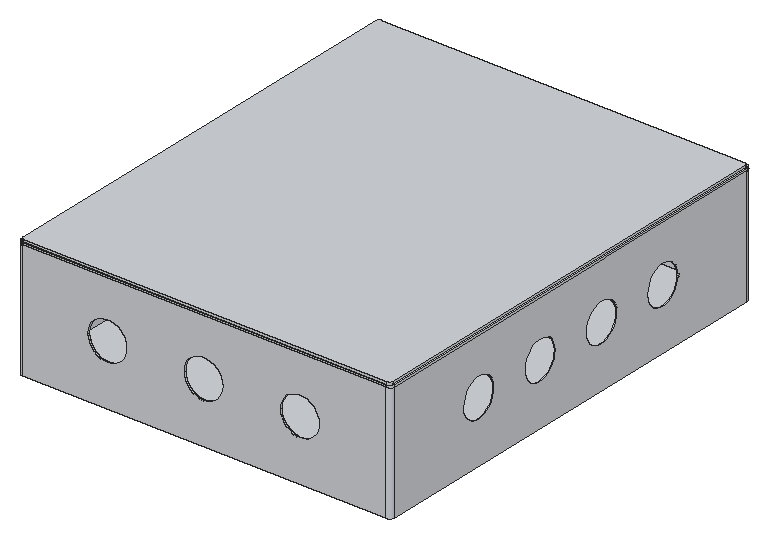
Revit family "Building-ContenitoriParete-GEWISS-44CE-CASSETTE-DERIVAZIONE-PARETE_14FORI", category Apparecchi elettrici, host Superficie, Revit 2016
Family settings
  Host = Superficie
  Mantenere orientamento annotazione = Sì
  Tipo di parte = Normale
  Quota connettore circolare = Usa diametro
  Numero OmniClass = 23.80.30.14.24
  Titolo OmniClass = Junction Boxes
  Taglio con vuoti quando caricato = No
  Condiviso = No
  Punto di calcolo locali = Sì
Parameters (values of type "GW44061 - CASS.IP55 460X380X120 PASS.GWT 960°C")
  Voltaggio_x = 0 V
  Viti coperchio (n. e Tipo) = "4 isol. a cerniera piombabili"
  Versione file RFA = "18.0"
  VISTA DI PIANTA [instance] = yes
  URL = "https://www.gewiss.com/it/it"
  Tipo Materiale = ""
  Termopressione con biglia = "85 °C"
  Temperatura di impiego = "-25 +60 °C"
  Spostamento_x [instance] = 0 mm
  Spostamento_effettivo_x [instance] = 4000 mm - Spostamento_x  # 4000 mm
  Scheda Tecnica = "https://www.gewiss.com/it/it/search?q=GW44061"
  SIMBOLO [instance] = yes
  SEO = "Cassetta"
  Resistenza agli urti = "IK08"
  Raggio = 20 mm
  Produttore = "GEWISS S.p.A."
  Pareti = "Con passacavi"
  Numero di poli = 3
  Materiale = "Tecnopolimero GWPLAST 75"
  Immagine tipo = GW44061.jpg
  Scatola_ = none
  Modello = "GW44061"
  IDT = "1bef6471-8e2d-4dfc-87b3-9fc971884851"
  IDF = "c8c44e86-0ca7-4378-9988-4ca5ba28cc68"
  Grado di protezione = "IP55"
  Glow Wire Test = "960°C"
  Entrate N. fori / Ã˜ = "14 / 48"
  Distanza orizzontale simbolo [instance] = 0 mm
  Distanza dal muro [instance] = 0 mm
  Default Elevation = 1219.2 mm
  Lunghezza_interna = 380 mm
  Larghezza_interna = 460 mm
  Spessore = 120 mm
  Dim. interne BxHxP (mm) = "460x380x120"
  Diametro ingresso corugato = 40 mm  # constant formula
  Descrizione = "CASS.IP55 460X380X120 PASS.GWT 960°C"
  Creato da GEWISS S.p.A. = ""
  Coppia serraggio viti = "1,8NM"
  Coperchio_ = none
  Coperchio = "Basso a vite"
  Colore = "Grigio RAL 7035"
  Codice Electrocod = "02210"
  Codice EAN = "8011564243866"
  Classificazione = Other
  Classe isolamento = "II (secondo Norma IEC 61140)"
  Catalogo Serie = "44 CE"
  Catalogo = "BUILDING"
  Carico apparente = 0 VA
  CORNICE SIMBOLO [instance] = no
  COBie.Tagnumber = ""
  COBie.CreatedOn = ""
  COBie.CreatebBy = ""
  COBie.ComponentRegisterItemID = ""
  COBie.Component.TagNumber = ""
  COBie.Component.Space = ""
  COBie.Component.SerialNumber = ""
  COBie.Component.InstallationDate = ""
  COBie.Component.Description = ""
  COBie.Component.BarCode = ""
  Applicazione = "Derivazioni speciali"
  Accessori per ripristino isolamento = "GW44621"
Types (2, lengths in mm): name | Viti coperchio (n. e Tipo) | Tipo Materiale | Scheda Tecnica | Modello | IDT | Glow Wire Test | Descrizione | Codice EAN | Applicazione
  GW44011 - CASSETTA IP55 460X380X120 CON PASSACAVI | "6 isol. a cerniera piombabili" | "Halogen free secondo norma EN 60754-2" | "https://www.gewiss.com/it/it/search?q=GW44011" | "GW44011" | "7a906bc1-c9de-426b-a39d-aac5153d0f97" | "650°C" | "CASSETTA IP55 460X380X120 CON PASSACAVI" | "8011564013766" | "Derivazioni ordinarie"
  GW44061 - CASS.IP55 460X380X120 PASS.GWT 960°C | "4 isol. a cerniera piombabili" | "" | "https://www.gewiss.com/it/it/search?q=GW44061" | "GW44061" | "1bef6471-8e2d-4dfc-87b3-9fc971884851" | "960°C" | "CASS.IP55 460X380X120 PASS.GWT 960°C" | "8011564243866" | "Derivazioni speciali"
Reference planes
  plane 1 "Centro (Fronte/Retro)": y = 0
  plane 2 "base muro": z = 0
  plane 3 "Centro (Sinistra/Destra)": x = 0
  plane 4: x = -191.081
  plane 5: y = 231.081
  plane 6: x = 191.081
  plane 7: y = -231.081
  plane 8: y = 230
  plane 9: x = -190
  plane 10: y = -230
  plane 11: x = 190
  plane 12: y = 235.081
  plane 13: x = 195.081
  plane 14: y = -235.081
  plane 15: x = -195.081
  plane 16: z = 120
  plane 17: z = 1
  plane 18: z = 124
  plane 19: y = 39.333
  plane 20: y = -39.333
  plane 21: z = 62.5
  plane 22: x = 0
  plane 23: y = -118
  plane 24: y = 118
  plane 25: x = -98.763
  plane 26: x = 98.763
  plane 27: x = -4000
  plane 28: through (-1012.94, -373.614, 1219.2) normal (-0.891, 0.454, 0)
  plane 29: through (-1340.908, 787.715, 1219.2) normal (0.8192, 0.5736, 0)
Forms (mm)
  Extrusion 1, solid, material <- "Scatola_"
    sketch origin (0, 0, 0) x (1, 0, 0) y (0, 1, 0)
      loop
        arc (-185.934, 231.081) -> (-189.573, 229.573) -> (-191.081, 225.934) r 5.147
        line (-191.081, 225.934) -> (-191.081, -225.934)
        arc (-191.081, -225.934) -> (-189.573, -229.573) -> (-185.934, -231.081) r 5.147
        line (-185.934, -231.081) -> (185.934, -231.081)
        arc (185.934, -231.081) -> (189.573, -229.573) -> (191.081, -225.934) r 5.147
        line (191.081, -225.934) -> (191.081, 225.934)
        arc (191.081, 225.934) -> (189.573, 229.573) -> (185.934, 231.081) r 5.147
        line (185.934, 231.081) -> (-185.934, 231.081)
      loop
        arc (-185.934, 230) -> (-188.809, 228.809) -> (-190, 225.934) r 4.066
        line (-190, 225.934) -> (-190, -225.934)
        arc (-190, -225.934) -> (-188.809, -228.809) -> (-185.934, -230) r 4.066
        line (-185.934, -230) -> (185.936, -230)
        arc (185.936, -230) -> (188.81, -228.809) -> (190.001, -225.935) r 4.065
        line (190.001, -225.935) -> (190.001, 225.934)
        arc (190.001, 225.934) -> (188.81, 228.809) -> (185.934, 230) r 4.066
        line (185.934, 230) -> (-185.934, 230)
    from 0 to 120
  Extrusion 2, solid, material <- "Scatola_"
    sketch origin (0, 0, 0) x (1, 0, 0) y (0, 1, 0)
      loop
        arc (-185.934, 230) -> (-188.809, 228.809) -> (-190, 225.934) r 4.066
        line (-190, 225.934) -> (-190, -225.934)
        arc (-190, -225.934) -> (-188.809, -228.809) -> (-185.934, -230) r 4.066
        line (-185.934, -230) -> (185.936, -230)
        arc (185.936, -230) -> (188.81, -228.809) -> (190.001, -225.935) r 4.065
        line (190.001, -225.935) -> (190.001, 225.934)
        arc (190.001, 225.934) -> (188.81, 228.809) -> (185.934, 230) r 4.066
        line (185.934, 230) -> (-185.934, 230)
    from 0 to 1
  Extrusion 3, solid, material <- "Coperchio_"
    sketch origin (0, 0, 0) x (1, 0, 0) y (0, 1, 0)
      loop
        line (-185.934, -231.081) -> (185.934, -231.081)
        arc (185.934, -231.081) -> (189.573, -229.573) -> (191.081, -225.934) r 5.147
        line (191.081, -225.934) -> (191.081, 225.934)
        arc (191.081, 225.934) -> (189.573, 229.573) -> (185.934, 231.081) r 5.147
        line (185.934, 231.081) -> (-185.934, 231.081)
        arc (-185.934, 231.081) -> (-189.573, 229.573) -> (-191.081, 225.934) r 5.147
        line (-191.081, 225.934) -> (-191.081, -225.934)
        arc (-191.081, -225.934) -> (-189.573, -229.573) -> (-185.934, -231.081) r 5.147
    from 120 to 124
  Sweep 4, void
    path in 3D
      loop
        arc (-191.081, -225.934, 124) -> (-189.573, -229.573, 124) -> (-185.934, -231.081, 124) r 5.147
        line (-185.934, -231.081, 124) -> (185.934, -231.081, 124)
        arc (185.934, -231.081, 124) -> (189.573, -229.573, 124) -> (191.081, -225.934, 124) r 5.147
        line (191.081, -225.934, 124) -> (191.081, 225.934, 124)
        arc (191.081, 225.934, 124) -> (189.573, 229.573, 124) -> (185.934, 231.081, 124) r 5.147
        line (185.934, 231.081, 124) -> (-185.934, 231.081, 124)
        arc (-185.934, 231.081, 124) -> (-189.573, 229.573, 124) -> (-191.081, 225.934, 124) r 5.147
        line (-191.081, 225.934, 124) -> (-191.081, -225.934, 124)
    profile origin (-191.081, 0, 124) x (1, 0, 0) y (0, 0, 1)
      loop
        line (0, 0) -> (0, -2.128) -> (1.706, -2.128) -> (1.706, 0) -> (0, 0)
  Extrusion 5, void
    sketch origin (0, 0, 0) x (0, 1, 0) y (0, 0, 1)
      loop
        circle (-39.333, 62.5) r 20
      loop
        circle (39.333, 62.5) r 20
      loop
        circle (118, 62.5) r 20
      loop
        circle (-118, 62.5) r 20
    from -191.081 to 191.081
  Extrusion 6, void
    sketch origin (0, 0, 0) x (1, 0, 0) y (0, 0, 1)
      loop
        circle (-98.763, 62.5) r 20
      loop
        circle (98.763, 62.5) r 20
      loop
        circle (0, 62.5) r 20
    from -235.081 to 235.081
Cuts and joins
  Sweep 4 cuts Extrusion 3
  Extrusion 5, Extrusion 6 cuts Extrusion 1
Lines and regions (mm)
  Masking region 1, visible <- "VISTA DI PIANTA"
    outline origin (0, 0, 0) x (1, 0, 0) y (0, 0, 1)
      loop
        line (-191.081, 124) -> (-191.081, 0) -> (191.081, 0) -> (191.081, 124) -> (-191.081, 124)
  Masking region 2
    outline origin (0, 0, 0) x (0, 1, 0) y (0, 0, 1)
      loop
        line (-231.081, 0) -> (231.081, 0) -> (231.081, 124) -> (-231.081, 124) -> (-231.081, 0)
  Masking region 3
    outline origin (0, 0, 0) x (0, 1, 0) y (0, 0, 1)
      loop
        circle (-118, 62.5) r 20
      loop
        circle (-39.333, 62.5) r 20
      loop
        circle (39.333, 62.5) r 20
      loop
        circle (118, 62.5) r 20
  sketch lines
    curve 1: line (-191.081, 225.934, 124) -> (-191.081, -225.934, 124)
    curve 2: arc (-185.934, -231.081, 124) -> (-189.573, -229.573, 124) -> (-191.081, -225.934, 124) r 5.147
    curve 3: line (-185.934, -231.081, 124) -> (185.934, -231.081, 124)
    curve 4: arc (191.081, -225.934, 124) -> (189.573, -229.573, 124) -> (185.934, -231.081, 124) r 5.147
    curve 5: line (191.081, -225.934, 124) -> (191.081, 225.934, 124)
    curve 6: arc (185.934, 231.081, 124) -> (189.573, 229.573, 124) -> (191.081, 225.934, 124) r 5.147
    curve 7: line (185.934, 231.081, 124) -> (-185.934, 231.081, 124)
    curve 8: arc (-191.081, 225.934, 124) -> (-189.573, 229.573, 124) -> (-185.934, 231.081, 124) r 5.147
Dimensions and locks
  locked: plane 4 to plane 9 at 1.081
  locked: plane 5 to plane 8 at 1.081
  locked: plane 10 to plane 7 at 1.081
  locked: plane 11 to plane 6 at 1.081
  locked: plane 7 to plane 14 at 4
  locked: plane 15 to plane 4 at 4
  locked: plane 6 to plane 13 at 4
  locked: plane 12 to plane 5 at 4
  equal spacing: plane 9, plane 3 "Centro (Sinistra/Destra)", plane 11
  "Lunghezza_interna": plane 9 to plane 11
  equal spacing: plane 8, plane 1 "Centro (Fronte/Retro)", plane 10
  "Larghezza_interna": plane 8 to plane 10
  "Spessore": plane 16 to host face
  locked: plane 18 to plane 16 at 4
  equal spacing: plane 18, plane 21, plane 17
  equal spacing: plane 23, plane 20, plane 19, plane 24
  equal spacing: plane 23, plane 1 "Centro (Fronte/Retro)", plane 24
  equal spacing: plane 26, plane 3 "Centro (Sinistra/Destra)", plane 25
  plane 27 to plane 3 "Centro (Sinistra/Destra)" = 4000 mm
  "Spostamento_effettivo_x": plane 27 to plane 22
  "Raggio": radius of Extrusion 5 sketch curve  (x4)
  "Raggio": radius of Extrusion 6 sketch curve  (x3)
  angle plane 28 to plane 29 = 62.00°
  angle plane 27 to plane 29 = 35.00°
  angle plane 28 to plane 27 = 27.00°
  angle plane 3 "Centro (Sinistra/Destra)" to plane 29 = 35.00°
  aligned and locked: plane 2 "base muro" to host face
  aligned and locked: level to host face
  aligned and locked: Extrusion 1 sketch curve to plane 5
  aligned and locked: Extrusion 1 sketch curve to plane 4
  aligned and locked: Extrusion 1 sketch curve to plane 7
  aligned and locked: Extrusion 1 sketch curve to plane 6
  aligned and locked: Extrusion 1 sketch curve to plane 8
  aligned and locked: Extrusion 1 sketch curve to plane 9
  aligned and locked: Extrusion 1 sketch curve to plane 10
  aligned and locked: Extrusion 2 sketch curve to Extrusion 1  (x4)
  aligned and locked: plane 17 to Extrusion 2
  aligned and locked: Extrusion 3 sketch curve to Extrusion 1  (x4)
  aligned and locked: Extrusion 3 to plane 16
  aligned and locked: plane 18 to Extrusion 3
  aligned and locked: plane 21 to Extrusion 5 sketch curve  (x3)
  aligned and locked: plane 20 to Extrusion 5 sketch curve
  aligned and locked: plane 19 to Extrusion 5 sketch curve
  aligned and locked: Extrusion 5 to plane 4
  aligned and locked: Extrusion 5 to plane 6
  aligned and locked: plane 21 to Extrusion 6 sketch curve  (x2)
  aligned and locked: Extrusion 6 to plane 12
  aligned and locked: Extrusion 6 to plane 14
  aligned and locked: Masking region 1 sketch curve to plane 18
  aligned and locked: Masking region 1 sketch curve to cut or joined group of Extrusion 1, Extrusion 5, Extrusion 6  (x2)
  aligned and locked: Masking region 1 sketch curve to plane 4
  aligned and locked: Masking region 2 sketch curve to cut or joined group of Extrusion 1, Extrusion 5, Extrusion 6  (x2)
  aligned and locked: plane 18 to Masking region 2 sketch curve
  aligned and locked: plane 5 to Masking region 2 sketch curve
  aligned and locked: plane 22 to nested 2
  aligned and locked: plane 24 to Extrusion 5 sketch curve
  aligned and locked: plane 23 to Extrusion 5 sketch curve
  aligned and locked: Masking region 3 sketch curve to cut or joined group of Extrusion 1, Extrusion 5, Extrusion 6  (x8)
  aligned and locked: plane 3 "Centro (Sinistra/Destra)" to Extrusion 6 sketch curve
  aligned and locked: plane 25 to Extrusion 6 sketch curve
  aligned and locked: plane 26 to Extrusion 6 sketch curve
Automatic sketch dimensions
  host sketch curve to host sketch curve = 2438.4 mm  (x2)
  Extrusion 1 sketch curve to plane 4 = 5.147 mm  (x2)
  plane 6 to Extrusion 1 sketch curve = 5.147 mm
  Extrusion 1 sketch curve to plane 5 = 5.147 mm
  Extrusion 1 sketch curve to Extrusion 1 sketch curve = 0 mm  (x2)
  Extrusion 1 sketch curve to Extrusion 1 sketch curve = 0.001 mm  (x2)
  Extrusion 1 sketch curve to plane 8 = 4.066 mm
  plane 9 to Extrusion 2 sketch curve = 4.066 mm
  Extrusion 2 sketch curve to plane 11 = 4.066 mm
  plane 10 to Extrusion 2 sketch curve = 4.066 mm
  Extrusion 2 sketch curve to plane 11 = 4.064 mm
  plane 9 to Extrusion 3 sketch curve = 4.066 mm
  Extrusion 3 sketch curve to plane 11 = 4.066 mm
  Extrusion 3 sketch curve to plane 8 = 4.066 mm  (x2)
  profile plane to Sweep 4 sketch curve = 0 mm
  Sweep 4 sketch curve to profile plane = 0 mm
  Sweep 4 sketch curve to Sweep 4 sketch curve = 1.706 mm
  Sweep 4 sketch curve to profile plane = 2.128 mm
  Extrusion 5 sketch curve to plane 21 = 0 mm
  Extrusion 6 sketch curve to plane 21 = 0 mm
Nested families
  nested 1: "Elemento di dettaglio - 44CE-14IN" at (0, 0, 0), type "Elemento di dettaglio - 44CE-14IN"
  nested 2: "CASSDERIVAZPARPASS" at (0, -1.1, 0), Distanza dal muro <- "Distanza dal muro", BORDO ACCESO <- "CORNICE SIMBOLO", SIMBOLO ACCESO <- "SIMBOLO", type "CASSETTA"
    with SIMBOLO ACCESO yes, Distanza dal muro 0 mm, BORDO ACCESO no
Connectors
  electrical at (0, 0, 0), driven by "Classificazione", driven by "Voltaggio_x", driven by "Carico apparente", driven by "Numero di poli"
    settings: on Extrusion 1, index 1, voltage 0 V, apparent load 0 VA, apparent load phase1 0 VA, apparent load phase2 0 VA, apparent load phase3 0 VA, power factor 1, load classification "Other", number of poles 3, system type 31, power factor state 1, is connector primary yes, connector utility no, sub classification motor no, connector description ""
  cabletrayconduit at (191.081, 39.333, 62.5), diameter 40, driven by "Diametro ingresso corugato"
    settings: on cut or joined group of Extrusion 1, Extrusion 5, Extrusion 6, index 33, connector width 300 mm, connector height 300 mm, connector angle 0.00°, system type 32, placement type 0, profile type 0, connector reference index -1, is primary connector yes, connector utility param no, connector description ""
  cabletrayconduit at (191.081, -118, 62.5), diameter 40, driven by "Diametro ingresso corugato"
    settings: on cut or joined group of Extrusion 1, Extrusion 5, Extrusion 6, index 34, connector width 300 mm, connector height 300 mm, connector angle 0.00°, system type 32, placement type 0, profile type 0, connector reference index -1, is primary connector no, connector utility param no, connector description ""
  cabletrayconduit at (191.081, -39.333, 62.5), diameter 40, driven by "Diametro ingresso corugato"
    settings: on cut or joined group of Extrusion 1, Extrusion 5, Extrusion 6, index 35, connector width 300 mm, connector height 300 mm, connector angle 0.00°, system type 32, placement type 0, profile type 0, connector reference index -1, is primary connector no, connector utility param no, connector description ""
  cabletrayconduit at (191.081, 39.333, 62.5), diameter 40, driven by "Diametro ingresso corugato"
    settings: on cut or joined group of Extrusion 1, Extrusion 5, Extrusion 6, index 36, connector width 300 mm, connector height 300 mm, connector angle 0.00°, system type 32, placement type 0, profile type 0, connector reference index -1, is primary connector no, connector utility param no, connector description ""
  cabletrayconduit at (191.081, 118, 62.5), diameter 40, driven by "Diametro ingresso corugato"
    settings: on cut or joined group of Extrusion 1, Extrusion 5, Extrusion 6, index 37, connector width 300 mm, connector height 300 mm, connector angle 0.00°, system type 32, placement type 0, profile type 0, connector reference index -1, is primary connector no, connector utility param no, connector description ""
  cabletrayconduit at (98.763, 231.081, 62.5), diameter 40, driven by "Diametro ingresso corugato"
    settings: on cut or joined group of Extrusion 1, Extrusion 5, Extrusion 6, index 38, connector width 300 mm, connector height 300 mm, connector angle 0.00°, system type 32, placement type 0, profile type 0, connector reference index -1, is primary connector no, connector utility param no, connector description ""
  cabletrayconduit at (0, 231.081, 62.5), diameter 40, driven by "Diametro ingresso corugato"
    settings: on cut or joined group of Extrusion 1, Extrusion 5, Extrusion 6, index 39, connector width 300 mm, connector height 300 mm, connector angle 0.00°, system type 32, placement type 0, profile type 0, connector reference index -1, is primary connector no, connector utility param no, connector description ""
  cabletrayconduit at (-98.763, 231.081, 62.5), diameter 40, driven by "Diametro ingresso corugato"
    settings: on cut or joined group of Extrusion 1, Extrusion 5, Extrusion 6, index 40, connector width 300 mm, connector height 300 mm, connector angle 0.00°, system type 32, placement type 0, profile type 0, connector reference index -1, is primary connector no, connector utility param no, connector description ""
  cabletrayconduit at (-191.081, -118, 62.5), diameter 40, driven by "Diametro ingresso corugato"
    settings: on cut or joined group of Extrusion 1, Extrusion 5, Extrusion 6, index 41, connector width 300 mm, connector height 300 mm, connector angle 0.00°, system type 32, placement type 0, profile type 0, connector reference index -1, is primary connector no, connector utility param no, connector description ""
  cabletrayconduit at (-191.081, -39.333, 62.5), diameter 40, driven by "Diametro ingresso corugato"
    settings: on cut or joined group of Extrusion 1, Extrusion 5, Extrusion 6, index 42, connector width 300 mm, connector height 300 mm, connector angle 0.00°, system type 32, placement type 0, profile type 0, connector reference index -1, is primary connector no, connector utility param no, connector description ""
  cabletrayconduit at (-191.081, 39.333, 62.5), diameter 40, driven by "Diametro ingresso corugato"
    settings: on cut or joined group of Extrusion 1, Extrusion 5, Extrusion 6, index 43, connector width 300 mm, connector height 300 mm, connector angle 0.00°, system type 32, placement type 0, profile type 0, connector reference index -1, is primary connector no, connector utility param no, connector description ""
  cabletrayconduit at (-191.081, 118, 62.5), diameter 40, driven by "Diametro ingresso corugato"
    settings: on cut or joined group of Extrusion 1, Extrusion 5, Extrusion 6, index 44, connector width 300 mm, connector height 300 mm, connector angle 0.00°, system type 32, placement type 0, profile type 0, connector reference index -1, is primary connector no, connector utility param no, connector description ""
  cabletrayconduit at (0, -231.081, 62.5), diameter 40, driven by "Diametro ingresso corugato"
    settings: on cut or joined group of Extrusion 1, Extrusion 5, Extrusion 6, index 45, connector width 300 mm, connector height 300 mm, connector angle 0.00°, system type 32, placement type 0, profile type 0, connector reference index -1, is primary connector no, connector utility param no, connector description ""
  cabletrayconduit at (98.763, -231.081, 62.5), diameter 40, driven by "Diametro ingresso corugato"
    settings: on cut or joined group of Extrusion 1, Extrusion 5, Extrusion 6, index 46, connector width 300 mm, connector height 300 mm, connector angle 0.00°, system type 32, placement type 0, profile type 0, connector reference index -1, is primary connector no, connector utility param no, connector description ""
  cabletrayconduit at (-98.763, -231.081, 62.5), diameter 40, driven by "Diametro ingresso corugato"
    settings: on cut or joined group of Extrusion 1, Extrusion 5, Extrusion 6, index 47, connector width 300 mm, connector height 300 mm, connector angle 0.00°, system type 32, placement type 0, profile type 0, connector reference index -1, is primary connector no, connector utility param no, connector description ""
Definition of nested family "Elemento di dettaglio - 44CE-14IN"
  Reference planes
    plane 1 "Centro (Fronte/Retro)": y = 0
    plane 2: z = 0
    plane 3 "Centro (Sinistra/Destra)": x = 0
  Lines and regions (mm)
    detail lines, in view "Livello rif."
      curve 1: arc (198.537, 227.781, 0) -> (195.679, 234.679, 0) -> (188.781, 237.537, 0) r 9.756
      curve 2: arc (-188.781, 237.537, 0) -> (-195.679, 234.679, 0) -> (-198.537, 227.781, 0) r 9.756
      curve 3: arc (188.781, -237.591, 0) -> (195.679, -234.733, 0) -> (198.537, -227.835, 0) r 9.756
      curve 5: arc (-198.537, -227.835, 0) -> (-195.679, -234.733, 0) -> (-188.781, -237.591, 0) r 9.756
      curve 39: line (-188.781, -237.591, 0) -> (188.781, -237.591, 0)
      curve 60: line (198.537, 227.781, 0) -> (198.537, -227.835, 0)
      curve 62: line (-198.537, 227.781, 0) -> (-198.537, -227.835, 0)
      curve 72: line (-188.781, 237.537, 0) -> (188.781, 237.537, 0)
    detail lines, in view "Livello rif.", detail levels medium+fine
      curve 4: arc (188.781, -234.176, 0) -> (193.265, -232.319, 0) -> (195.122, -227.835, 0) r 6.341
      curve 6: arc (-195.122, -227.835, 0) -> (-193.265, -232.319, 0) -> (-188.781, -234.176, 0) r 6.341
      curve 24: arc (-188.781, 234.122, 0) -> (-193.265, 232.265, 0) -> (-195.122, 227.781, 0) r 6.341
      curve 26: arc (195.122, 227.781, 0) -> (193.265, 232.265, 0) -> (188.781, 234.122, 0) r 6.341
      curve 40: line (-188.781, -234.176, 0) -> (188.781, -234.176, 0)
      curve 61: line (195.122, 227.781, 0) -> (195.122, -227.835, 0)
      curve 63: line (-195.122, 227.781, 0) -> (-195.122, -227.835, 0)
      curve 73: line (-188.781, 234.122, 0) -> (188.781, 234.122, 0)
    detail lines, in view "Livello rif.", detail levels fine
      curve 7: arc (-167.073, -240.013, 0) -> (-166.173, -242.179, 0) -> (-164.007, -243.079, 0) r 3.073
      curve 8: arc (-36.007, -243.079, 0) -> (-33.83, -242.181, 0) -> (-32.927, -240.005, 0) r 3.073
      curve 9: arc (-67.073, -240.013, 0) -> (-66.173, -242.179, 0) -> (-64.007, -243.079, 0) r 3.073
      curve 10: arc (-136.007, -243.079, 0) -> (-133.83, -242.181, 0) -> (-132.927, -240.005, 0) r 3.073
      curve 11: arc (132.927, -240.013, 0) -> (133.827, -242.179, 0) -> (135.993, -243.079, 0) r 3.073
      curve 12: arc (163.993, -243.079, 0) -> (166.17, -242.181, 0) -> (167.073, -240.005, 0) r 3.073
      curve 13: arc (-204.025, -85.007, 0) -> (-203.125, -87.173, 0) -> (-200.959, -88.073, 0) r 3.073
      curve 14: arc (-200.952, -53.927, 0) -> (-203.127, -54.83, 0) -> (-204.025, -57.007, 0) r 3.073
      curve 15: arc (-204.024, -14.007, 0) -> (-203.124, -16.173, 0) -> (-200.959, -17.073, 0) r 3.073
      curve 16: arc (-200.951, 17.073, 0) -> (-203.127, 16.17, 0) -> (-204.024, 13.993, 0) r 3.073
      curve 17: arc (-204.024, 56.993, 0) -> (-203.122, 54.824, 0) -> (-200.951, 53.927, 0) r 3.073
      curve 18: arc (-200.944, 88.073, 0) -> (-203.124, 87.173, 0) -> (-204.024, 84.993, 0) r 3.073
      curve 19: arc (200.945, -88.073, 0) -> (203.123, -87.176, 0) -> (204.025, -85, 0) r 3.073
      curve 20: arc (204.025, -57, 0) -> (203.125, -54.827, 0) -> (200.952, -53.927, 0) r 3.073
      curve 21: arc (200.944, -17.073, 0) -> (203.122, -16.176, 0) -> (204.024, -14, 0) r 3.073
      curve 22: arc (204.024, 14, 0) -> (203.124, 16.173, 0) -> (200.951, 17.073, 0) r 3.073
      curve 23: arc (200.951, 53.927, 0) -> (203.124, 54.827, 0) -> (204.024, 57, 0) r 3.073
      curve 25: arc (204.024, 85, 0) -> (203.127, 87.17, 0) -> (200.959, 88.073, 0) r 3.073
      curve 27: arc (-169.78, 243.024, 0) -> (-171.956, 242.122, 0) -> (-172.853, 239.944, 0) r 3.073
      curve 28: arc (-32.927, 239.951, 0) -> (-33.827, 242.124, 0) -> (-36, 243.024, 0) r 3.073
      curve 29: arc (-138.707, 239.951, 0) -> (-139.607, 242.124, 0) -> (-141.78, 243.024, 0) r 3.073
      curve 30: arc (-64, 243.024, 0) -> (-66.176, 242.122, 0) -> (-67.073, 239.944, 0) r 3.073
      curve 31: arc (143.02, 243.024, 0) -> (140.844, 242.122, 0) -> (139.946, 239.944, 0) r 3.073
      curve 32: arc (174.093, 239.951, 0) -> (173.192, 242.124, 0) -> (171.019, 243.024, 0) r 3.073
      curve 33: line (174.093, 239.951, 0) -> (174.093, 237.537, 0)
      curve 34: line (139.946, 239.944, 0) -> (139.946, 237.537, 0)
      curve 35: line (-32.927, 239.951, 0) -> (-32.927, 237.537, 0)
      curve 36: line (-172.853, 239.944, 0) -> (-172.853, 237.537, 0)
      curve 37: line (-138.707, 239.951, 0) -> (-138.707, 237.537, 0)
      curve 38: line (-67.073, 239.944, 0) -> (-67.073, 237.537, 0)
      curve 41: line (-136.007, -243.079, 0) -> (-164.007, -243.079, 0)
      curve 42: line (-167.073, -240.013, 0) -> (-167.073, -237.591, 0)
      curve 43: line (-67.073, -240.013, 0) -> (-67.073, -237.591, 0)
      curve 44: line (-67.073, -237.591, 0) -> (-68.223, -237.591, 0)
      curve 45: line (-64.007, -243.079, 0) -> (-36.007, -243.079, 0)
      curve 46: line (-132.927, -240.005, 0) -> (-132.927, -237.591, 0)
      curve 47: line (-32.928, -239.828, 0) -> (-32.928, -237.413, 0)
      curve 48: line (135.993, -243.079, 0) -> (163.993, -243.079, 0)
      curve 49: line (132.927, -240.013, 0) -> (132.927, -237.591, 0)
      curve 50: line (167.073, -240.005, 0) -> (167.073, -237.591, 0)
      curve 51: line (-200.944, 88.073, 0) -> (-198.537, 88.073, 0)
      curve 52: line (-200.951, 53.927, 0) -> (-198.537, 53.927, 0)
      curve 53: line (-200.951, 17.073, 0) -> (-198.537, 17.073, 0)
      curve 54: line (-200.959, -17.073, 0) -> (-198.537, -17.073, 0)
      curve 55: line (-200.952, -53.927, 0) -> (-198.537, -53.927, 0)
      curve 56: line (-200.959, -88.073, 0) -> (-198.537, -88.073, 0)
      curve 57: line (-204.024, 13.993, 0) -> (-204.024, -14.007, 0)
      curve 58: line (-204.025, -57.007, 0) -> (-204.025, -85.007, 0)
      curve 59: line (-204.024, 56.993, 0) -> (-204.024, 84.993, 0)
      curve 64: line (204.024, 14, 0) -> (204.024, -14, 0)
      curve 65: line (204.025, -57, 0) -> (204.025, -85, 0)
      curve 66: line (200.945, -88.073, 0) -> (198.538, -88.073, 0)
      curve 67: line (200.952, -53.927, 0) -> (198.538, -53.927, 0)
      curve 68: line (200.944, -17.073, 0) -> (198.537, -17.073, 0)
      curve 69: line (204.024, 57, 0) -> (204.024, 85, 0)
      curve 70: line (200.951, 17.073, 0) -> (198.537, 17.073, 0)
      curve 71: line (200.951, 53.927, 0) -> (198.537, 53.927, 0)
      curve 74: line (198.537, 88.073, 0) -> (200.959, 88.073, 0)
      curve 75: line (200.959, 88.073, 0) -> (198.537, 88.073, 0)
      curve 76: line (-141.78, 243.024, 0) -> (-169.78, 243.024, 0)
      curve 77: line (-64, 243.024, 0) -> (-36, 243.024, 0)
      curve 78: line (143.02, 243.024, 0) -> (171.019, 243.024, 0)
      curve 157: arc (36.007, -243.079, 0) -> (33.83, -242.181, 0) -> (32.927, -240.005, 0) r 3.073
      curve 158: arc (67.073, -240.013, 0) -> (66.173, -242.179, 0) -> (64.007, -243.079, 0) r 3.073
      curve 159: arc (32.927, 239.951, 0) -> (33.827, 242.124, 0) -> (36, 243.024, 0) r 3.073
      curve 160: arc (64, 243.024, 0) -> (66.176, 242.122, 0) -> (67.073, 239.944, 0) r 3.073
      curve 161: line (32.927, 239.951, 0) -> (32.927, 237.537, 0)
      curve 162: line (67.073, 239.944, 0) -> (67.073, 237.537, 0)
      curve 163: line (67.073, -240.013, 0) -> (67.073, -237.591, 0)
      curve 164: line (67.073, -237.591, 0) -> (68.223, -237.591, 0)
      curve 165: line (64.007, -243.079, 0) -> (36.007, -243.079, 0)
      curve 166: line (32.928, -239.828, 0) -> (32.928, -237.413, 0)
      curve 167: line (64, 243.024, 0) -> (36, 243.024, 0)
    detail lines, in view "Livello rif.", not visible
      curve 79: arc (198.537, 227.781, 0) -> (195.679, 234.679, 0) -> (188.781, 237.537, 0) r 9.756
      curve 80: arc (-188.781, 237.537, 0) -> (-195.679, 234.679, 0) -> (-198.537, 227.781, 0) r 9.756
      curve 81: arc (188.781, -237.591, 0) -> (195.679, -234.733, 0) -> (198.537, -227.835, 0) r 9.756
      curve 83: arc (-198.537, -227.835, 0) -> (-195.679, -234.733, 0) -> (-188.781, -237.591, 0) r 9.756
      curve 117: line (-188.781, -237.591, 0) -> (188.781, -237.591, 0)
      curve 138: line (198.537, 227.781, 0) -> (198.537, -227.835, 0)
      curve 140: line (-198.537, 227.781, 0) -> (-198.537, -227.835, 0)
      curve 150: line (-188.781, 237.537, 0) -> (188.781, 237.537, 0)
    detail lines, in view "Livello rif.", not visible, detail levels medium+fine
      curve 82: arc (188.781, -234.176, 0) -> (193.265, -232.319, 0) -> (195.122, -227.835, 0) r 6.341
      curve 84: arc (-195.122, -227.835, 0) -> (-193.265, -232.319, 0) -> (-188.781, -234.176, 0) r 6.341
      curve 102: arc (-188.781, 234.122, 0) -> (-193.265, 232.265, 0) -> (-195.122, 227.781, 0) r 6.341
      curve 104: arc (195.122, 227.781, 0) -> (193.265, 232.265, 0) -> (188.781, 234.122, 0) r 6.341
      curve 118: line (-188.781, -234.176, 0) -> (188.781, -234.176, 0)
      curve 139: line (195.122, 227.781, 0) -> (195.122, -227.835, 0)
      curve 141: line (-195.122, 227.781, 0) -> (-195.122, -227.835, 0)
      curve 151: line (-188.781, 234.122, 0) -> (188.781, 234.122, 0)
    detail lines, in view "Livello rif.", not visible, detail levels fine
      curve 85: arc (-167.073, -240.013, 0) -> (-166.173, -242.179, 0) -> (-164.007, -243.079, 0) r 3.073
      curve 86: arc (-36.007, -243.079, 0) -> (-33.83, -242.181, 0) -> (-32.927, -240.005, 0) r 3.073
      curve 87: arc (-67.073, -240.013, 0) -> (-66.173, -242.179, 0) -> (-64.007, -243.079, 0) r 3.073
      curve 88: arc (-136.007, -243.079, 0) -> (-133.83, -242.181, 0) -> (-132.927, -240.005, 0) r 3.073
      curve 89: arc (132.927, -240.013, 0) -> (133.827, -242.179, 0) -> (135.993, -243.079, 0) r 3.073
      curve 90: arc (163.993, -243.079, 0) -> (166.17, -242.181, 0) -> (167.073, -240.005, 0) r 3.073
      curve 91: arc (-204.025, -85.007, 0) -> (-203.125, -87.173, 0) -> (-200.959, -88.073, 0) r 3.073
      curve 92: arc (-200.952, -53.927, 0) -> (-203.127, -54.83, 0) -> (-204.025, -57.007, 0) r 3.073
      curve 93: arc (-204.024, -14.007, 0) -> (-203.124, -16.173, 0) -> (-200.959, -17.073, 0) r 3.073
      curve 94: arc (-200.951, 17.073, 0) -> (-203.127, 16.17, 0) -> (-204.024, 13.993, 0) r 3.073
      curve 95: arc (-204.024, 56.993, 0) -> (-203.122, 54.824, 0) -> (-200.951, 53.927, 0) r 3.073
      curve 96: arc (-200.944, 88.073, 0) -> (-203.124, 87.173, 0) -> (-204.024, 84.993, 0) r 3.073
      curve 97: arc (200.945, -88.073, 0) -> (203.123, -87.176, 0) -> (204.025, -85, 0) r 3.073
      curve 98: arc (204.025, -57, 0) -> (203.125, -54.827, 0) -> (200.952, -53.927, 0) r 3.073
      curve 99: arc (200.944, -17.073, 0) -> (203.122, -16.176, 0) -> (204.024, -14, 0) r 3.073
      curve 100: arc (204.024, 14, 0) -> (203.124, 16.173, 0) -> (200.951, 17.073, 0) r 3.073
      curve 101: arc (200.951, 53.927, 0) -> (203.124, 54.827, 0) -> (204.024, 57, 0) r 3.073
      curve 103: arc (204.024, 85, 0) -> (203.127, 87.17, 0) -> (200.959, 88.073, 0) r 3.073
      curve 105: arc (-169.78, 243.024, 0) -> (-171.956, 242.122, 0) -> (-172.853, 239.944, 0) r 3.073
      curve 106: arc (-32.927, 239.951, 0) -> (-33.827, 242.124, 0) -> (-36, 243.024, 0) r 3.073
      curve 107: arc (-138.707, 239.951, 0) -> (-139.607, 242.124, 0) -> (-141.78, 243.024, 0) r 3.073
      curve 108: arc (-64, 243.024, 0) -> (-66.176, 242.122, 0) -> (-67.073, 239.944, 0) r 3.073
      curve 109: arc (143.02, 243.024, 0) -> (140.844, 242.122, 0) -> (139.946, 239.944, 0) r 3.073
      curve 110: arc (174.093, 239.951, 0) -> (173.192, 242.124, 0) -> (171.019, 243.024, 0) r 3.073
      curve 111: line (174.093, 239.951, 0) -> (174.093, 237.537, 0)
      curve 112: line (139.946, 239.944, 0) -> (139.946, 237.537, 0)
      curve 113: line (-32.927, 239.951, 0) -> (-32.927, 237.537, 0)
      curve 114: line (-172.853, 239.944, 0) -> (-172.853, 237.537, 0)
      curve 115: line (-138.707, 239.951, 0) -> (-138.707, 237.537, 0)
      curve 116: line (-67.073, 239.944, 0) -> (-67.073, 237.537, 0)
      curve 119: line (-136.007, -243.079, 0) -> (-164.007, -243.079, 0)
      curve 120: line (-167.073, -240.013, 0) -> (-167.073, -237.591, 0)
      curve 121: line (-67.073, -240.013, 0) -> (-67.073, -237.591, 0)
      curve 122: line (-67.073, -237.591, 0) -> (-68.223, -237.591, 0)
      curve 123: line (-64.007, -243.079, 0) -> (-36.007, -243.079, 0)
      curve 124: line (-132.927, -240.005, 0) -> (-132.927, -237.591, 0)
      curve 125: line (-32.928, -239.828, 0) -> (-32.928, -237.413, 0)
      curve 126: line (135.993, -243.079, 0) -> (163.993, -243.079, 0)
      curve 127: line (132.927, -240.013, 0) -> (132.927, -237.591, 0)
      curve 128: line (167.073, -240.005, 0) -> (167.073, -237.591, 0)
      curve 129: line (-200.944, 88.073, 0) -> (-198.537, 88.073, 0)
      curve 130: line (-200.951, 53.927, 0) -> (-198.537, 53.927, 0)
      curve 131: line (-200.951, 17.073, 0) -> (-198.537, 17.073, 0)
      curve 132: line (-200.959, -17.073, 0) -> (-198.537, -17.073, 0)
      curve 133: line (-200.952, -53.927, 0) -> (-198.537, -53.927, 0)
      curve 134: line (-200.959, -88.073, 0) -> (-198.537, -88.073, 0)
      curve 135: line (-204.024, 13.993, 0) -> (-204.024, -14.007, 0)
      curve 136: line (-204.025, -57.007, 0) -> (-204.025, -85.007, 0)
      curve 137: line (-204.024, 56.993, 0) -> (-204.024, 84.993, 0)
      curve 142: line (204.024, 14, 0) -> (204.024, -14, 0)
      curve 143: line (204.025, -57, 0) -> (204.025, -85, 0)
      curve 144: line (200.945, -88.073, 0) -> (198.538, -88.073, 0)
      curve 145: line (200.952, -53.927, 0) -> (198.538, -53.927, 0)
      curve 146: line (200.944, -17.073, 0) -> (198.537, -17.073, 0)
      curve 147: line (204.024, 57, 0) -> (204.024, 85, 0)
      curve 148: line (200.951, 17.073, 0) -> (198.537, 17.073, 0)
      curve 149: line (200.951, 53.927, 0) -> (198.537, 53.927, 0)
      curve 152: line (198.537, 88.073, 0) -> (200.959, 88.073, 0)
      curve 153: line (200.959, 88.073, 0) -> (198.537, 88.073, 0)
      curve 154: line (-141.78, 243.024, 0) -> (-169.78, 243.024, 0)
      curve 155: line (-64, 243.024, 0) -> (-36, 243.024, 0)
      curve 156: line (143.02, 243.024, 0) -> (171.019, 243.024, 0)
      curve 168: arc (36.007, -243.079, 0) -> (33.83, -242.181, 0) -> (32.927, -240.005, 0) r 3.073
      curve 169: arc (67.073, -240.013, 0) -> (66.173, -242.179, 0) -> (64.007, -243.079, 0) r 3.073
      curve 170: arc (32.927, 239.951, 0) -> (33.827, 242.124, 0) -> (36, 243.024, 0) r 3.073
      curve 171: arc (64, 243.024, 0) -> (66.176, 242.122, 0) -> (67.073, 239.944, 0) r 3.073
      curve 172: line (32.927, 239.951, 0) -> (32.927, 237.537, 0)
      curve 173: line (67.073, 239.944, 0) -> (67.073, 237.537, 0)
      curve 174: line (67.073, -240.013, 0) -> (67.073, -237.591, 0)
      curve 175: line (67.073, -237.591, 0) -> (68.223, -237.591, 0)
      curve 176: line (64.007, -243.079, 0) -> (36.007, -243.079, 0)
      curve 177: line (32.928, -239.828, 0) -> (32.928, -237.413, 0)
      curve 178: line (64, 243.024, 0) -> (36, 243.024, 0)
Definition of nested family "CASSDERIVAZPARPASS"
  Parameters (values of type "CASSETTA")
    SIMBOLO ACCESO [instance] = yes
    Distanza dal muro [instance] = 0 mm
    BORDO ACCESO [instance] = yes
  Reference planes
    plane 1: y = 0
    plane 2: x = 0
  Dimensions and locks
    "Distanza dal muro": plane 1 to nested 1
    aligned and locked: plane 2 to nested 1
  Nested families
    nested 1: "CASSDERIVAZPARPASS_BASE" at (0, 0, 0), BORDO ACCESO <- "BORDO ACCESO", SIMBOLO ACCESO <- "SIMBOLO ACCESO", type "COPRIFORO"
      with BORDO ACCESO yes
  Definition of nested family "CASSDERIVAZPARPASS_BASE"
    Parameters (values of type "COPRIFORO")
      SIMBOLO ACCESO [instance] = yes
      Distanza dal muro = 4.208 mm
      BORDO ACCESO [instance] = yes
    Reference planes
      plane 1: y = 0
      plane 2: x = 0
    Lines and regions (mm)
      detail lines, visible <- "BORDO ACCESO"
        curve 1: line (-1, 2.5, 0) -> (1, 2.5, 0)
        curve 2: line (1, 2.5, 0) -> (1, 0, 0)
        curve 3: line (1, 0, 0) -> (-1, 0, 0)
        curve 4: line (-1, 0, 0) -> (-1, 2.5, 0)
        curve 5: line (-0.9, 2.4, 0) -> (0.9, 2.4, 0)
        curve 6: line (0.9, 2.4, 0) -> (0.9, 0.1, 0)
        curve 7: line (0.9, 0.1, 0) -> (-0.9, 0.1, 0)
        curve 8: line (-0.9, 0.1, 0) -> (-0.9, 2.4, 0)
      detail lines, visible <- "BORDO ACCESO", not visible
        curve 9: line (-2.443, 10.208, 0) -> (2.057, 10.208, 0)
        curve 10: line (2.057, 10.208, 0) -> (2.057, 4.208, 0)
        curve 11: line (2.057, 4.208, 0) -> (-2.443, 4.208, 0)
        curve 12: line (-2.443, 4.208, 0) -> (-2.443, 10.208, 0)
        curve 13: line (-2.043, 9.808, 0) -> (1.657, 9.808, 0)
        curve 14: line (1.657, 9.808, 0) -> (1.657, 4.608, 0)
        curve 15: line (1.657, 4.608, 0) -> (-2.043, 4.608, 0)
        curve 16: line (-2.043, 4.608, 0) -> (-2.043, 9.808, 0)
      detail lines, visible <- "SIMBOLO ACCESO"
        curve 17: line (-0.7, 1.95, 0) -> (0.7, 1.95, 0)
        curve 18: line (-0.7, 0.55, 0) -> (-0.7, 1.95, 0)
        curve 19: line (0.7, 0.55, 0) -> (-0.7, 0.55, 0)
        curve 20: line (0.7, 1.95, 0) -> (0.7, 0.55, 0)
        curve 21: circle (0, 1.25, 0) r 0.1 normal (0, 0, 1)
        curve 22: line (0.7, 1.568, 0) -> (0.891, 1.568, 0)
        curve 23: line (0.7, 0.933, 0) -> (0.891, 0.933, 0)
        curve 24: line (-0.7, 1.568, 0) -> (-0.891, 1.568, 0)
        curve 25: line (-0.7, 0.933, 0) -> (-0.891, 0.933, 0)
    Dimensions and locks
      aligned and locked: curve 3 to plane 1
